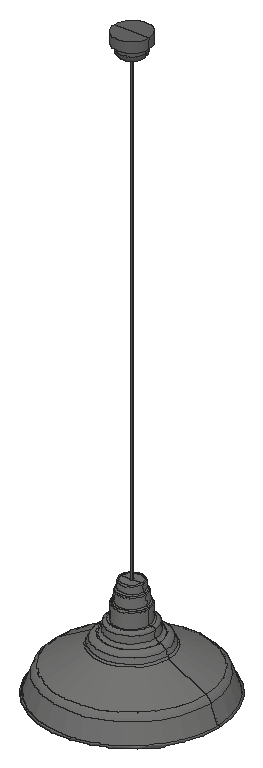
Revit family "Warehouse MB 8,10,12,14,16,18,20,24,27", category Lighting Fixtures, Revit 2020
Family settings
  Round Connector Dimension = Use Diameter
  Part Type = Normal
  OmniClass Number = 23.80.70.00
  OmniClass Title = Lighting
  Work Plane-Based = No
  Always vertical = Yes
  Cut with Voids When Loaded = No
  Light Source = Yes
  Shared = No
  Room Calculation Point = No
Parameters (values of type "W527")
  b = 0' - 3"
  a = 1' - 3 7/8"
  Weight = "6.0 lbs"
  Wattage Comments = "200 W Max"
  Wattage = 26.9284 W
  Warranty = "5 year limited warranty"  # constant formula
  W527 = yes
  W524 = no
  W520 = no
  W518 = no
  W516 = no
  W514 = no
  W512 = no
  W510 = no
  W508 = no
  built-in parameter 1150110 = 1 (stored number, unit not read)
  Voltage = 277 V  # constant formula
  URL = "https://www.anplighting.com/assets/Uploads/product-attachments/specification-sheets/ANP-Specification-Sheet-RLM-INC-W527.pdf"
  built-in parameter 1114217 = 1 (stored number, unit not read)
  Tilt Angle = 90.00°
  built-in parameter 1150109 = 1 (stored number, unit not read)
  built-in parameter 1150134 = 12
  built-in parameter 1150113 = 1 (stored number, unit not read)
  Photometric Web File = "W527M037LDDW40K.IES"
  Mounting Option [instance] = 1
  Power Factor = 1
  Post Mount [instance] = Mounting Option = 5  # no
  Placement X axis side [instance] = if(Post Mount, 2' 2 15/32", if(Cord or Stem Mount, 0' 0", if(E36 20 inch, 1' 8 1/4", if(E 6 26 inch, 2' 2", if(E7 41 inch, 3' 5 1/4", 0' 1")))))  # 0' - 0"
  Model = "W527"
  Manufacturer = "ANP Lighting"  # constant formula
  built-in parameter 1150105 = 318.31 (stored number, unit not read)
  Lumens = 4000 lm
  built-in parameter 1150115 = 1 (stored number, unit not read)
  Load Classification = Lighting
  Light Source Height [instance] = 0' - 0"
  built-in parameter 1150137 = (empty or 0)
  built-in parameter 1150139 = (empty or 0)
  Light Elevation _2 [instance] = if(Post Mount, 0' 0.66142", if(E7 41 inch, 0' 0.66142", if(E36 20 inch, 0' 1.65748", if(E 6 26 inch, 0' 1.53543", if(Cord or Stem Mount, (0' 4.3622" + Cord Length), 0' 0")))))  # 6' - 4.3622"
  Light Elevation _1 [instance] = if(Post Mount, 0' 0", if(E7 41 inch, 0' 0", if(E36 20 inch, 0' 1", if(E 6 26 inch, 0' 0.87402", if(Cord or Stem Mount, (0' 3.66142" + Cord Length), 0' 0")))))  # 6' - 3.66142"
  Light Elevation [instance] = if(Post Mount, 14' 0.5315", if(E7 41 inch, 0' 0", 0' 0"))  # 0' - 0"
  Life = "L70 50,000 hours"  # constant formula
  built-in parameter 1150112 = 1 (stored number, unit not read)
  built-in parameter 1150114 = 1 (stored number, unit not read)
  Lamp = "MB"
  built-in parameter 1150132 = 2
  built-in parameter 1150102 = (empty or 0)
  built-in parameter 1150107 = 4000 (stored number, unit not read)
  built-in parameter 1150138 = (empty or 0)
  built-in parameter 1150106 = 3.1831 (stored number, unit not read)
  Fixture Height = 1' - 3 7/8"
  Fixture Diameter = 2' - 3"
  Efficiency = "65-125 lumens per watt"  # constant formula
  built-in parameter 1150104 = 13.8 (stored number, unit not read)
  E7 41 inch [instance] = Mounting Option = 4  # no
  E36 20 inch [instance] = Mounting Option = 3  # no
  E 6 26 inch [instance] = Mounting Option = 2  # no
  Dimming Lamp Color Temperature Shift = <None>
  Dimming = "1%"  # constant formula
  Description = "120-277 Voltage"  # constant formula
  Default Elevation = 0' - 0"
  Cord or Stem Mount [instance] = Mounting Option = 1  # yes
  Cord Length option [instance] = 0
  Cord Length [instance] = if([2' Cord], 2' 0", if([4' Cord], 4' 0", if([8' Cord], 8' 0", if([10' Cord], 10' 0", if([6' Cord], 6' 0", 6' 0")))))  # 6' - 0"
  Construction Material = "Heavy Duty spun aluminum."  # constant formula
  Color Filter = 16777215
  Canopy Body = Texture Black
  CRI = ">90"  # constant formula
  Bulb = Bulb
  Body Material = body
  Body Colour = "Spun aluminium"  # constant formula
  built-in parameter 1114218 = 1 (stored number, unit not read)
  BULB = yes
  built-in parameter 1150133 = 10 (stored number, unit not read)
  Apparent Load = 200 VA
  8' Cord [instance] = Cord Length option = 8  # no
  6' Cord [instance] = Cord Length option = 6  # no
  4' Cord [instance] = Cord Length option = 4  # no
  2' Cord [instance] = Cord Length option = 2  # no
  10' Cord [instance] = Cord Length option = 10  # no
Reference planes (in)
  plane 1 "Light Source Axis (F/B)": y = 0
  plane 2: z = 0
  plane 3 "Light Source Axis (L/R)": x = 0
  plane 4 "Light Source Elevation": z = 0
  plane 5: z = 0
  plane 6: x = 0
  plane 7 "Bulb Position": z = -76.3622
  plane 8 "Canopy Position": z = -75.66142
  plane 9 "IES": z = -76.3622
  plane 10: z = 164.5315
  plane 11: z = -91.53642
  plane 12: z = -88.53642
  plane 13: z = -86.10529
Dimensions and locks (in)
  "Light Elevation": plane 5 to plane 2
  "Placement X axis side": plane 6 to plane 3 "Light Source Axis (L/R)"
  "Light Elevation _2": plane 5 to plane 7 "Bulb Position"
  "Light Elevation _1": plane 5 to plane 8 "Canopy Position"
  "Light Source Height": plane 7 "Bulb Position" to plane 9 "IES"
  locked: plane 4 "Light Source Elevation" to plane 2
  "a": plane 8 "Canopy Position" to plane 11
  "b": plane 12 to plane 11
  locked: plane 13 to plane 12 at 2.43113
  aligned and locked: level to plane 2
  aligned and locked: plane 1 "Light Source Axis (F/B)" to nested 5
  aligned and locked: nested 5 to plane 2
  aligned and locked: nested 1 to plane 3 "Light Source Axis (L/R)"
  aligned and locked: plane 3 "Light Source Axis (L/R)" to nested 2
  aligned and locked: plane 3 "Light Source Axis (L/R)" to nested 4
  aligned and locked: nested 3 to plane 5
  aligned and locked: plane 3 "Light Source Axis (L/R)" to nested 3
  aligned and locked: plane 1 "Light Source Axis (F/B)" to nested 2
  aligned and locked: plane 1 "Light Source Axis (F/B)" to nested 1
  aligned and locked: plane 1 "Light Source Axis (F/B)" to nested 4
  aligned and locked: plane 1 "Light Source Axis (F/B)" to nested 3
  aligned and locked: plane 2 to nested 1
  aligned and locked: plane 2 to nested 2
  aligned and locked: nested 4 to plane 2
  aligned and locked: imposter light to plane 6
  aligned and locked: plane 12 to imposter light
  aligned and locked: imposter light to plane 1 "Light Source Axis (F/B)"
  aligned and locked: plane 1 "Light Source Axis (F/B)" to nested 6
  aligned and locked: plane 6 to nested 6
  aligned and locked: plane 8 "Canopy Position" to nested 6
  aligned and locked: plane 8 "Canopy Position" to nested 7
  aligned and locked: plane 8 "Canopy Position" to nested 8
  aligned and locked: plane 8 "Canopy Position" to nested 9
  aligned and locked: plane 8 "Canopy Position" to nested 10
  aligned and locked: plane 8 "Canopy Position" to nested 11
  aligned and locked: plane 8 "Canopy Position" to nested 12
  aligned and locked: plane 8 "Canopy Position" to nested 13
  aligned and locked: plane 8 "Canopy Position" to nested 14
  aligned and locked: plane 1 "Light Source Axis (F/B)" to nested 7
  aligned and locked: plane 6 to nested 7
  aligned and locked: plane 1 "Light Source Axis (F/B)" to nested 8
  aligned and locked: plane 6 to nested 8
  aligned and locked: plane 6 to nested 9
  aligned and locked: plane 6 to nested 10
  aligned and locked: plane 1 "Light Source Axis (F/B)" to nested 10
  aligned and locked: plane 1 "Light Source Axis (F/B)" to nested 9
  aligned and locked: plane 6 to nested 11
  aligned and locked: plane 1 "Light Source Axis (F/B)" to nested 11
  aligned and locked: plane 6 to nested 12
  aligned and locked: plane 1 "Light Source Axis (F/B)" to nested 12
  aligned and locked: plane 1 "Light Source Axis (F/B)" to nested 13
  aligned and locked: plane 6 to nested 13
  aligned and locked: plane 1 "Light Source Axis (F/B)" to nested 14
  aligned and locked: plane 6 to nested 14
Nested families (in)
  nested 1: "CORD OR STEM MOUNT" at (0, 0, -75.67), visible <- "Cord or Stem Mount", Cord or Stem Mount <- "Cord or Stem Mount", Body Material <- "Body Material", Light Elevation <- "Light Elevation", Cord Length <- "Cord Length", 10' Cord <- "10' Cord", 2' Cord <- "2' Cord", 4' Cord <- "4' Cord", 6' Cord <- "6' Cord", 8' Cord <- "8' Cord", type "CORD OR STEM MOUNT"
    with Light Elevation 0' - 0", Cord or Stem Mount yes, Cord Length 6' - 0", Body Material body, 8' Cord no, 6' Cord no, 4' Cord no, 2' Cord no, 10' Cord no
  nested 2: "E6 26 INCH" at (0, 0, 0), visible <- "E 6 26 inch", Chain Length <- "Cord Length", E 6 26 inch <- "E 6 26 inch", Placement X axis side <- "Placement X axis side", Body Material <- "Body Material", Light Elevation <- "Light Elevation", type "E6 26 INCH"
    with Placement X axis side 0' - 0", Light Elevation 0' - 0", E 6 26 inch no, Chain Length 6' - 0", Body Material body
  nested 3: "E7 41 INCH" at (0, 0, 0), Chain Length <- "Cord Length", visible <- "E7 41 inch", E7 41 inch <- "E7 41 inch", Placement X axis side <- "Placement X axis side", Body Material <- "Body Material", Light Elevation <- "Light Elevation", type "E7 41 INCH"
    with Placement X axis side 0' - 0", Light Elevation 0' - 0", E7 41 inch no, Chain Length 6' - 0", Body Material body
  nested 4: "E36 20 INCH" at (0, 0, 0), visible <- "E36 20 inch", E36 20 inch <- "E36 20 inch", Placement X axis side <- "Placement X axis side", Chain Length <- "Cord Length", Body Material <- "Body Material", Light Elevation <- "Light Elevation", type "E36 20 INCH"
    with Placement X axis side 0' - 0", Light Elevation 0' - 0", E36 20 inch no, Chain Length 6' - 0", Body Material body
  nested 5: "POST MOUNT" at (0, 0, 0), visible <- "Post Mount", Post Mount <- "Post Mount", Placement X axis side <- "Placement X axis side", Chain Length <- "Cord Length", Body Material <- "Body Material", Light Elevation <- "Light Elevation", type "POST MOUNT"
    with Post Mount no, Placement X axis side 0' - 0", Light Elevation 0' - 0", Chain Length 6' - 0", Body Material body
  nested 6: "W508_1" at (0, 0, -75.66142), W508 <- "W508", visible <- "W508", Body <- "Canopy Body", Light Elevation <- "Light Elevation", type "W508_1"
    with W508 no, Light Elevation 0' - 0", Body Texture Black
  nested 7: "W510_1" at (0, 0, -75.66142), W510 <- "W510", visible <- "W510", Body <- "Canopy Body", Light Elevation <- "Light Elevation", type "W510_1"
    with W510 no, Light Elevation 0' - 0", Body Texture Black
  nested 8: "W512_1" at (0, 0, -75.66142), W512 <- "W512", visible <- "W512", Body <- "Canopy Body", Light Elevation <- "Light Elevation", type "W512_1"
    with W512 no, Light Elevation 0' - 0", Body Texture Black
  nested 9: "W514_1" at (0, 0, -75.66142), W514 <- "W514", visible <- "W514", Body <- "Canopy Body", Light Elevation <- "Light Elevation", type "W514_1"
    with W514 no, Light Elevation 0' - 0", Body Texture Black
  nested 10: "W516_1" at (0, 0, -75.66142), W516 <- "W516", visible <- "W516", Body <- "Canopy Body", Light Elevation <- "Light Elevation", type "W516_1"
    with W516 no, Light Elevation 0' - 0", Body Texture Black
  nested 11: "W518_1" at (0, 0, -75.66142), W518 <- "W518", visible <- "W518", Body <- "Canopy Body", Light Elevation <- "Light Elevation", type "W518_1"
    with W518 no, Light Elevation 0' - 0", Body Texture Black
  nested 12: "W520_1" at (0, 0, -75.66142), W520 <- "W520", visible <- "W520", Body <- "Canopy Body", Light Elevation <- "Light Elevation", type "W520_1"
    with W520 no, Light Elevation 0' - 0", Body Texture Black
  nested 13: "W524_1" at (0, 0, -75.66142), W524 <- "W524", visible <- "W524", Body <- "Canopy Body", Light Elevation <- "Light Elevation", type "W524_1"
    with W524 no, Light Elevation 0' - 0", Body Texture Black
  nested 14: "W527_1" at (0, 0, -75.66047), W527 <- "W527", visible <- "W527", Body <- "Canopy Body", Light Elevation <- "Light Elevation", type "W527_1"
    with W527 yes, Light Elevation 0' - 0", Body Texture Black
Definition of nested family "CORD OR STEM MOUNT"
  Parameters (values of type "CORD OR STEM MOUNT")
    URL = ""
    Model = ""
    Manufacturer = ""
    Light Elevation [instance] = 1' - 7.69"
    Default Elevation = 0' - 0"
    Cord or Stem Mount [instance] = yes
    Cord Length [instance] = 6' - 0"
    Body Material [instance] = none
    8' Cord [instance] = no
    6' Cord [instance] = no
    4' Cord [instance] = no
    2' Cord [instance] = no
    10' Cord [instance] = no
  Reference planes (in)
    plane 1 "Light Source Axis (F/B)": y = 0
    plane 2: z = 0
    plane 3 "Light Source Axis (L/R)": x = 0
    plane 4 "Light Source Elevation": z = 23.125
    plane 5: z = 91.69
    plane 6: z = 19.69
  Forms (in)
    Extrusion 1, void, not visible
      sketch origin (0, 0, 2.38154) x (1, 0, 0) y (0, 0, 1)
        loop
          circle (0, 4.59925) r 0.16583
      from 1.18594 to 1.75
    Extrusion 2, void, not visible
      sketch origin (0, 0, 2.38154) x (0.707107, -0.707107, 0) y (0, 0, 1)
        loop
          circle (0, 4.59925) r 0.16583
      from 1.18594 to 1.75
    Extrusion 3, void, not visible
      sketch origin (0, 0, 2.38154) x (0.707107, 0.707107, 0) y (0, 0, 1)
        loop
          circle (0, 4.59925) r 0.16583
      from 1.18594 to 1.75
    Extrusion 4, void, not visible
      sketch origin (0, 0, 2.38154) x (0, 1, 0) y (0, 0, 1)
        loop
          circle (0, 4.59925) r 0.16583
      from 1.18594 to 1.75
    Extrusion 5, void, not visible
      sketch origin (0, 0, 2.38154) x (-0.707107, 0.707107, 0) y (0, 0, 1)
        loop
          circle (0, 4.59925) r 0.16583
      from 1.18594 to 1.75
    Extrusion 6, void, not visible
      sketch origin (0, 0, 2.38154) x (-1, 0, 0) y (0, 0, 1)
        loop
          circle (0, 4.59925) r 0.20678
      from 1.18594 to 1.75
    Extrusion 7, void, not visible
      sketch origin (0, 0, 2.38154) x (-0.707107, -0.707107, 0) y (0, 0, 1)
        loop
          circle (0, 4.59925) r 0.16583
      from 1.18594 to 1.75
    Extrusion 8, void, not visible
      sketch origin (0, 0, 2.38154) x (0, -1, 0) y (0, 0, 1)
        loop
          circle (0, 4.59925) r 0.16583
      from 1.18594 to 1.75
    Revolve 9, solid, material <- "Body Material", visible <- "Cord or Stem Mount"
      sketch origin (0, 0, 174.56698) x (1, 0, 0) y (0, 0, 1)
        loop
          line (2.6875, -79.20698) -> (0, -79.20698) -> (0, -82.87698) -> (0.125, -82.87698) -> (0.125, -82.83698) -> (0.75, -82.83698)
          arc (0.75, -82.83698) -> (0.81694, -82.77004) -> (0.75, -82.7031) r 0.06694
          line (0.75, -82.7031) -> (0.89763, -82.7031) -> (1.00223, -82.5985) -> (1.06587, -82.5985)
          arc (1.06587, -82.5985) -> (1.80099, -82.29401) -> (2.10549, -81.55888) r 1.03962
          line (2.10549, -81.55888) -> (2.10549, -81.03899)
          arc (2.10549, -81.03899) -> (2.12951, -80.981) -> (2.1875, -80.95698) r 0.08201
          line (2.1875, -80.95698) -> (2.1875, -80.70698) -> (2.6875, -80.70698) -> (2.6875, -79.20698)
        axis (0, -79.20698) -> (0, -82.87698)
      angle from 0 to 360
    Revolve 10, solid, material <- "Body Material", visible <- "Cord or Stem Mount"
      sketch origin (0, 0, 0) x (1, 0, 0) y (0, 0, 1)
        loop
          line (0, 91.69) -> (-0.125, 91.69) -> (-0.125, 19.69) -> (0, 19.69) -> (0, 91.69)
        axis (0, 19.69) -> (0, 91.69)
      angle from 0 to 360
  Dimensions and locks (in)
    "Light Elevation": plane 6 to plane 2
    "Cord Length": plane 5 to plane 6
    locked: Revolve 10 sketch curve to Revolve 10 sketch curve at 0.125
    aligned and locked: level to plane 2
    aligned and locked: Revolve 10 sketch curve to plane 3 "Light Source Axis (L/R)"
    aligned and locked: Revolve 10 sketch curve to plane 6
    aligned and locked: Revolve 10 sketch curve to plane 5
    aligned and locked: plane 3 "Light Source Axis (L/R)" to Revolve 10 sketch curve
  Automatic sketch dimensions
    Revolve 9 sketch curve to plane 3 "Light Source Axis (L/R)" = 0' - 0"  (x2)
    Revolve 9 sketch curve to plane 5 = 0' - 0"
    plane 3 "Light Source Axis (L/R)" to Revolve 9 sketch curve = 0' - 0 1/8"
    Revolve 9 sketch curve to plane 5 = 0' - 0.17388"
    Revolve 9 sketch curve to Revolve 9 sketch curve = 0' - 0 5/8"
    Revolve 9 sketch curve to Revolve 9 sketch curve = 0' - 0.14763"
    Revolve 9 sketch curve to plane 5 = 0' - 0.27847"
    Revolve 9 sketch curve to Revolve 9 sketch curve = 0' - 0.1046"
    Revolve 9 sketch curve to Revolve 9 sketch curve = 0' - 0.06364"
    Revolve 9 sketch curve to Revolve 9 sketch curve = 0' - 1.03962"
    Revolve 9 sketch curve to Revolve 9 sketch curve = 0' - 0 21/256"
    Revolve 9 sketch curve to Revolve 9 sketch curve = 0' - 0 1/2"  (x2)
    Revolve 9 sketch curve to Revolve 9 sketch curve = 0' - 0.51989"
    Revolve 9 sketch curve to Revolve 9 sketch curve = 0' - 0 1/4"
    Revolve 9 sketch curve to Revolve 9 sketch curve = 0' - 2.3519"
    Revolve 9 sketch curve to Revolve 9 sketch curve = 0' - 1 1/4"
    Revolve 9 sketch curve to Revolve 9 sketch curve = 0' - 0.04"
    Revolve 10 sketch curve to Revolve 10 sketch curve = 0' - 0 1/2"
    Revolve 10 sketch curve to Revolve 10 sketch curve = 0' - 0.42345"
Definition of nested family "W527_1"
  Parameters (values of type "W527_1")
    W527 [instance] = yes
    Light Elevation [instance] = 2' - 4.27702"
    Default Elevation = 0' - 0"
    Body [instance] = none
  Reference planes (in)
    plane 1 "Center (Front/Back)": y = 0
    plane 2: z = 0
    plane 3 "Center (Left/Right)": x = 0
    plane 4: z = 28.27702
  Dimensions and locks (in)
    "Light Elevation": plane 4 to plane 2
    aligned and locked: plane 2 to level
    aligned and locked: plane 3 "Center (Left/Right)" to nested 1
    aligned and locked: plane 1 "Center (Front/Back)" to nested 1
    aligned and locked: plane 4 to nested 1
  Nested families (in)
    nested 1: "W527" at (0, 0, 12.40202), visible <- "W527", BODY <- "Body", W527 <- "W527", type "W527"
      with W527 yes, BODY none
  Definition of nested family "W527"
    Parameters (values of type "W527")
      W527 [instance] = yes
      BODY [instance] = none
      Default Elevation = 0' - 0"
    Reference planes (in)
      plane 1 "Center (Front/Back)": y = 0
      plane 2: z = 0
      plane 3 "Center (Left/Right)": x = 0
      plane 4: z = 15.875
      plane 5: x = 13.5
      plane 6: x = -13.5
    Forms (in)
      Revolve 1, solid, material <- "BODY", visible <- "W527"
        sketch origin (0, 0, -5.69249) x (1, 0, 0) y (0, 0, 1)
          loop
            arc (-2.02015, 20.20665) -> (-2.09725, 20.17147) -> (-2.13307, 20.09467) r 0.1225
            line (-2.13307, 20.09467) -> (-2.24996, 18.69199)
            arc (-2.24996, 18.69199) -> (-2.31685, 18.54162) -> (-2.46271, 18.46541) r 0.25
            line (-2.46271, 18.46541) -> (-2.52253, 18.45661)
            arc (-2.52253, 18.45661) -> (-2.59657, 18.41646) -> (-2.62718, 18.33799) r 0.1225
            line (-2.62718, 18.33799) -> (-2.67361, 16.12904) -> (-3.0387, 16.12904)
            arc (-3.0387, 16.12904) -> (-3.37774, 15.99653) -> (-3.53708, 15.66923) r 0.5
            line (-3.53708, 15.66923) -> (-3.61917, 14.65135)
            arc (-3.61917, 14.65135) -> (-3.77851, 14.32405) -> (-4.11755, 14.19154) r 0.5
            line (-4.11755, 14.19154) -> (-4.2928, 14.19154)
            arc (-4.2928, 14.19154) -> (-4.85645, 14.01755) -> (-5.22397, 13.55614) r 1
            line (-5.22397, 13.55614) -> (-5.49245, 12.87044)
            arc (-5.49245, 12.87044) -> (-5.58859, 12.71582) -> (-5.73373, 12.60588) r 0.5
            arc (-5.73373, 12.60588) -> (-8.61036, 11.14331) -> (-11.42281, 9.56082) r 76.56501
            arc (-11.42281, 9.56082) -> (-11.88597, 9.18359) -> (-12.21708, 8.6864) r 2
            arc (-12.21708, 8.6864) -> (-12.78662, 7.30144) -> (-13.22237, 5.86874) r 15.78532
            arc (-13.22237, 5.86874) -> (-13.2768, 5.81354) -> (-13.34194, 5.77151) r 0.3542
            arc (-13.34194, 5.77151) -> (-13.416, 5.84779) -> (-13.34194, 5.92408) r 0.07632
            line (-13.34194, 5.92408) -> (-13.34194, 6.00409)
            arc (-13.34194, 6.00409) -> (-13.49568, 5.83775) -> (-13.32188, 5.69249) r 0.15632
            arc (-13.32188, 5.69249) -> (-13.23007, 5.72538) -> (-13.16238, 5.79559) r 0.21402
            line (-13.16238, 5.79559) -> (-13.06888, 6.13768)
            arc (-13.06888, 6.13768) -> (-12.66047, 7.41484) -> (-12.14461, 8.6525) r 15.70532
            arc (-12.14461, 8.6525) -> (-11.82676, 9.1298) -> (-11.38211, 9.49194) r 1.92
            arc (-11.38211, 9.49194) -> (-8.57234, 11.07292) -> (-5.69843, 12.53408) r 76.48501
            arc (-5.69843, 12.53408) -> (-5.52971, 12.66167) -> (-5.41796, 12.84127) r 0.58
            line (-5.41796, 12.84127) -> (-5.14947, 13.52697)
            arc (-5.14947, 13.52697) -> (-4.81136, 13.95147) -> (-4.2928, 14.11154) r 0.92
            line (-4.2928, 14.11154) -> (-4.11755, 14.11154)
            arc (-4.11755, 14.11154) -> (-3.72426, 14.26525) -> (-3.53943, 14.64492) r 0.58
            line (-3.53943, 14.64492) -> (-3.45734, 15.6628)
            arc (-3.45734, 15.6628) -> (-3.3235, 15.93773) -> (-3.0387, 16.04904) r 0.42
            line (-3.0387, 16.04904) -> (-2.59528, 16.04904) -> (-2.54719, 18.33631)
            arc (-2.54719, 18.33631) -> (-2.53657, 18.36353) -> (-2.51089, 18.37747) r 0.0425
            line (-2.51089, 18.37747) -> (-2.45107, 18.38627)
            arc (-2.45107, 18.38627) -> (-2.25853, 18.48686) -> (-2.17024, 18.68535) r 0.33
            line (-2.17024, 18.68535) -> (-2.05335, 20.08802)
            arc (-2.05335, 20.08802) -> (-2.04092, 20.11467) -> (-2.01417, 20.12687) r 0.0425
            arc (-2.01417, 20.12687) -> (-1.80095, 20.22825) -> (-1.7091, 20.44538) r 0.33
            line (-1.7091, 20.44538) -> (-1.67418, 21.44552)
            arc (-1.67418, 21.44552) -> (-1.66123, 21.47461) -> (-1.6317, 21.48654) r 0.0425
            line (-1.6317, 21.48654) -> (-0.25, 21.48654) -> (-0.25, 21.56654) -> (-1.6317, 21.56654)
            arc (-1.6317, 21.56654) -> (-1.7168, 21.53216) -> (-1.75413, 21.44832) r 0.1225
            line (-1.75413, 21.44832) -> (-1.78905, 20.44817)
            arc (-1.78905, 20.44817) -> (-1.85864, 20.28368) -> (-2.02015, 20.20665) r 0.25
          axis (0, 21.56654) -> (0, 5.69249)
        angle from 0 to 360
    Dimensions and locks (in)
      plane 4 to plane 2 = 1' - 3 7/8"
      plane 5 to plane 3 "Center (Left/Right)" = 1' - 1 1/2"
      plane 5 to plane 6 = 2' - 3"
      aligned and locked: plane 2 to level
Definition of nested family "E6 26 INCH"
  Parameters (values of type "E6 26 INCH")
    URL = ""
    Placement X axis side [instance] = 2' - 2"
    Model = ""
    Manufacturer = ""
    Light Elevation [instance] = 8' - 4"
    E 6 26 inch [instance] = yes
    Default Elevation = 0' - 0"
    Chain Length [instance] = 0' - 0"
    Body Material [instance] = none
  Reference planes (in)
    plane 1 "Light Source Axis (F/B)": y = 0
    plane 2: z = 0
    plane 3 "Light Source Axis (L/R)": x = 0
    plane 4 "Light Source Elevation": z = 23.125
    plane 5: z = 100
    plane 6: x = -26
    plane 7: z = 99.125
    plane 8: x = -24.12
    plane 9: x = -25.5474
  Forms (in)
    Extrusion 1, void, not visible
      sketch origin (0, 0, 2.38154) x (1, 0, 0) y (0, 0, 1)
        loop
          circle (0, 4.59925) r 0.16583
      from 1.18594 to 1.75
    Extrusion 2, void, not visible
      sketch origin (0, 0, 2.38154) x (0.707107, -0.707107, 0) y (0, 0, 1)
        loop
          circle (0, 4.59925) r 0.16583
      from 1.18594 to 1.75
    Extrusion 3, void, not visible
      sketch origin (0, 0, 2.38154) x (0.707107, 0.707107, 0) y (0, 0, 1)
        loop
          circle (0, 4.59925) r 0.16583
      from 1.18594 to 1.75
    Extrusion 4, void, not visible
      sketch origin (0, 0, 2.38154) x (0, 1, 0) y (0, 0, 1)
        loop
          circle (0, 4.59925) r 0.16583
      from 1.18594 to 1.75
    Extrusion 5, void, not visible
      sketch origin (0, 0, 2.38154) x (-0.707107, 0.707107, 0) y (0, 0, 1)
        loop
          circle (0, 4.59925) r 0.16583
      from 1.18594 to 1.75
    Extrusion 6, void, not visible
      sketch origin (0, 0, 2.38154) x (-1, 0, 0) y (0, 0, 1)
        loop
          circle (0, 4.59925) r 0.20678
      from 1.18594 to 1.75
    Extrusion 7, void, not visible
      sketch origin (0, 0, 2.38154) x (-0.707107, -0.707107, 0) y (0, 0, 1)
        loop
          circle (0, 4.59925) r 0.16583
      from 1.18594 to 1.75
    Extrusion 8, void, not visible
      sketch origin (0, 0, 2.38154) x (0, -1, 0) y (0, 0, 1)
        loop
          circle (0, 4.59925) r 0.16583
      from 1.18594 to 1.75
    Sweep 9, solid, material <- "Body Material", visible <- "E 6 26 inch"
      path origin (-41.25, 0, 168.51693) x (1, 0, 0) y (0, 0, 1)
        loop
          line (17.13, -68.51693) -> (27.68551, -68.51693)
          arc (27.68551, -68.51693) -> (28.47996, -68.34486) -> (29.13202, -67.8595) r 1.92004
          line (29.13202, -67.8595) -> (34.23651, -62.01155)
          arc (34.23651, -62.01155) -> (38.65464, -60.89667) -> (41.25, -64.64193) r 4
          line (41.25, -64.64193) -> (41.25, -69.39193)
      profile origin (-18.84224, 0, 100) x (0, 0, 1) y (0, -1, 0)
        loop
          circle (0, 0) r 0.5
    Revolve 10, solid, material <- "Body Material", visible <- "E 6 26 inch"
      sketch origin (-26, 0, 168.51693) x (1, 0, 0) y (0, 0, 1)
        loop
          line (0, -66.07943) -> (0, -68.51693) -> (1.88, -68.51693) -> (1.88, -67.69272) -> (0.4526, -67.69272) -> (0.4526, -66.54122) -> (0.33125, -66.54122) -> (0.33125, -66.07943) -> (0, -66.07943)
        axis (0, -68.51693) -> (1.88, -68.51693)
      angle from 0 to 360
    Extrusion 11, solid, material <- "Body Material", visible <- "E 6 26 inch"
      sketch origin (-26, 0, 168.51693) x (0, -1, 0) y (0, 0, -1)
        loop
          line (0.25, 68.51693) -> (0.25, 69.51693) -> (-0.25, 69.51693) -> (-0.25, 68.51693) -> (0.25, 68.51693)
      from 0.4526 to 1.88
  Cuts and joins
    joined: Revolve 10, Extrusion 11
  Dimensions and locks (in)
    "Light Elevation": plane 5 to plane 2
    "Placement X axis side": plane 3 "Light Source Axis (L/R)" to plane 6
    locked: plane 5 to plane 7 at 0.875
    Revolve 10 sketch curve to Revolve 10 sketch curve to Revolve 10 sketch curve to plane 6 = 0' - 1.4274" locked, 0' - 0.12135" locked, 0' - 0.33125" locked
    Revolve 10 sketch curve to Revolve 10 sketch curve to Revolve 10 sketch curve to plane 5 = 0' - 0.46179" locked, 0' - 1.1515" locked, 0' - 0 211/256" locked
    locked: Sweep 9 sketch curve to plane 6 at 1.88
    locked: Sweep 9 sketch curve to Sweep 9 sketch curve at 10.55551
    locked: Sweep 9 sketch curve to Sweep 9 sketch curve at 13.56449
    locked: Sweep 9 sketch curve to Sweep 9 sketch curve at 4.75
    locked: plane 9 to plane 6 at 0.4526
    locked: plane 8 to plane 9 at 1.4274
    aligned and locked: level to plane 2
    aligned and locked: Revolve 10 sketch curve to plane 6
    aligned and locked: plane 5 to Revolve 10 sketch curve
    aligned and locked: Revolve 10 sketch curve to plane 5
    aligned and locked: cut or joined group of Revolve 10, Extrusion 11 to plane 9
    aligned and locked: plane 8 to cut or joined group of Revolve 10, Extrusion 11
  Automatic sketch dimensions
    Sweep 9 sketch curve to plane 5 = 0' - 0"
    Sweep 9 sketch curve to Sweep 9 sketch curve = 0' - 4"
    Sweep 9 sketch curve to Sweep 9 sketch curve = 0' - 3.01349"
    plane 5 to Sweep 9 sketch curve = 0' - 0.65743"
    Sweep 9 sketch curve to Sweep 9 sketch curve = 0' - 1.4465"
    Sweep 9 sketch curve to plane 5 = 0' - 0 7/8"
    profile plane to Sweep 9 sketch curve = 0' - 0"
    Sweep 9 sketch curve to profile plane = 0' - 0"
    plane 6 to Revolve 10 sketch curve = 0' - 0.62562"
    Revolve 10 sketch curve to Revolve 10 sketch curve = 0' - 0 1/2"
    Extrusion 11 sketch curve to plane 5 = 0' - 0"
    plane 1 "Light Source Axis (F/B)" to Extrusion 11 sketch curve = 0' - 0 1/4"
    Extrusion 11 sketch curve to plane 1 "Light Source Axis (F/B)" = 0' - 0 1/4"
    plane 5 to Extrusion 11 sketch curve = 0' - 1"
    radius of Sweep 9 sketch curve = 0' - 0 1/2"
Definition of nested family "E7 41 INCH"
  Parameters (values of type "E7 41 INCH")
    URL = ""
    Placement X axis side [instance] = 4' - 2"
    Model = ""
    Manufacturer = ""
    Light Elevation [instance] = 8' - 4"
    E7 41 inch [instance] = yes
    Default Elevation = 0' - 0"
    Chain Length [instance] = 0' - 0"
    Body Material [instance] = none
  Reference planes (in)
    plane 1 "Light Source Axis (F/B)": y = 0
    plane 2: z = 0
    plane 3 "Light Source Axis (L/R)": x = 0
    plane 4 "Light Source Elevation": z = 23.125
    plane 5: z = 100
    plane 6: x = -50
  Forms (in)
    Extrusion 1, void, not visible
      sketch origin (0, 0, 2.38154) x (1, 0, 0) y (0, 0, 1)
        loop
          circle (0, 4.59925) r 0.16583
      from 1.18594 to 1.75
    Extrusion 2, void, not visible
      sketch origin (0, 0, 2.38154) x (0.707107, -0.707107, 0) y (0, 0, 1)
        loop
          circle (0, 4.59925) r 0.16583
      from 1.18594 to 1.75
    Extrusion 3, void, not visible
      sketch origin (0, 0, 2.38154) x (0.707107, 0.707107, 0) y (0, 0, 1)
        loop
          circle (0, 4.59925) r 0.16583
      from 1.18594 to 1.75
    Extrusion 4, void, not visible
      sketch origin (0, 0, 2.38154) x (0, 1, 0) y (0, 0, 1)
        loop
          circle (0, 4.59925) r 0.16583
      from 1.18594 to 1.75
    Extrusion 5, void, not visible
      sketch origin (0, 0, 2.38154) x (-0.707107, 0.707107, 0) y (0, 0, 1)
        loop
          circle (0, 4.59925) r 0.16583
      from 1.18594 to 1.75
    Extrusion 6, void, not visible
      sketch origin (0, 0, 2.38154) x (-1, 0, 0) y (0, 0, 1)
        loop
          circle (0, 4.59925) r 0.20678
      from 1.18594 to 1.75
    Extrusion 7, void, not visible
      sketch origin (0, 0, 2.38154) x (-0.707107, -0.707107, 0) y (0, 0, 1)
        loop
          circle (0, 4.59925) r 0.16583
      from 1.18594 to 1.75
    Extrusion 8, void, not visible
      sketch origin (0, 0, 2.38154) x (0, -1, 0) y (0, 0, 1)
        loop
          circle (0, 4.59925) r 0.16583
      from 1.18594 to 1.75
    Revolve 9, solid, material <- "Body Material", visible <- "E7 41 inch"
      sketch origin (-41.25, 0, 168.39193) x (1, 0, 0) y (0, 0, 1)
        loop
          line (-8.75, -66.20443) -> (-8.75, -68.51693) -> (-6.87, -68.51693) -> (-6.87, -67.69272) -> (-8.2974, -67.69272) -> (-8.2974, -66.54122) -> (-8.41875, -66.54122) -> (-8.41875, -66.20443) -> (-8.75, -66.20443)
        axis (-8.75, -68.51693) -> (-6.87, -68.51693)
      angle from 0 to 360
    Extrusion 10, solid, material <- "Body Material", visible <- "E7 41 inch"
      sketch origin (-41.25, 0, 168.39193) x (0, -1, 0) y (0, 0, -1)
        loop
          line (0.25, 68.51693) -> (0.25, 69.51693) -> (-0.25, 69.51693) -> (-0.25, 68.51693) -> (0.25, 68.51693)
      from -8.2974 to -6.87
    Sweep 11, solid, material <- "Body Material", visible <- "E7 41 inch"
      path origin (-41.25, 0, 168.39193) x (1, 0, 0) y (0, 0, 1)
        loop
          line (-6.87, -68.51693) -> (16.04011, -68.51693)
          arc (16.04011, -68.51693) -> (17.864, -68.13651) -> (19.38375, -67.0587) r 4.5625
          line (19.38375, -67.0587) -> (24.70217, -61.33018)
          arc (24.70217, -61.33018) -> (29.64465, -60.20324) -> (32.5, -64.39193) r 4.5
          line (32.5, -64.39193) -> (32.5, -68.39193)
      profile origin (-36.66494, 0, 99.875) x (0, 0, 1) y (0, -1, 0)
        loop
          circle (0, 0) r 0.5
  Dimensions and locks (in)
    "Placement X axis side": plane 3 "Light Source Axis (L/R)" to plane 6
    "Light Elevation": plane 5 to plane 2
    locked: Revolve 9 sketch curve to Revolve 9 sketch curve at 0.33125
    locked: Revolve 9 sketch curve to Revolve 9 sketch curve at 0.4526
    locked: Revolve 9 sketch curve to Revolve 9 sketch curve at 1.88
    locked: Revolve 9 sketch curve to Revolve 9 sketch curve at 0.82421
    locked: Revolve 9 sketch curve to Revolve 9 sketch curve at 1.1515
    locked: Revolve 9 sketch curve to Revolve 9 sketch curve at 0.33679
    locked: plane 5 to Revolve 9 sketch curve at 0.125
    locked: Extrusion 10 sketch curve to Extrusion 10 sketch curve at 0.5
    locked: Extrusion 10 sketch curve to Extrusion 10 sketch curve at 1
    locked: plane 5 to Extrusion 10 sketch curve at 0.125
    locked: plane 5 to Sweep 11 sketch curve at 0.125
    locked: Sweep 11 sketch curve to Sweep 11 sketch curve at 39.37
    locked: Sweep 11 sketch curve to Sweep 11 sketch curve at 4
    locked: plane 6 to Extrusion 10 at 0.4526
    locked: Sweep 11 sketch curve to plane 6 at 1.88
    locked: Extrusion 10 to Extrusion 10 at 1.4274
    aligned and locked: plane 2 to level
    aligned and locked: Revolve 9 sketch curve to plane 6
  Automatic sketch dimensions
    Revolve 9 sketch curve to plane 5 = 0' - 0 1/8"
    plane 6 to Revolve 9 sketch curve = 0' - 0.62562"
    Revolve 9 sketch curve to Revolve 9 sketch curve = 0' - 0 1/2"
    plane 1 "Light Source Axis (F/B)" to Extrusion 10 sketch curve = 0' - 0 1/4"
    Sweep 11 sketch curve to plane 5 = 0' - 0"
    Sweep 11 sketch curve to Sweep 11 sketch curve = 0' - 4 1/2"
    Sweep 11 sketch curve to Sweep 11 sketch curve = 0' - 3.29783"
    plane 5 to Sweep 11 sketch curve = 0' - 1.33323"
    Sweep 11 sketch curve to Sweep 11 sketch curve = 0' - 5.31842"
    Sweep 11 sketch curve to Sweep 11 sketch curve = 0' - 3.34364"
    profile plane to Sweep 11 sketch curve = 0' - 0"
    Sweep 11 sketch curve to profile plane = 0' - 0"
    radius of Sweep 11 sketch curve = 0' - 0 1/2"
Definition of nested family "E36 20 INCH"
  Parameters (values of type "E36 20 INCH")
    URL = ""
    Placement X axis side [instance] = 1' - 8 1/4"
    Model = ""
    Manufacturer = ""
    Light Elevation [instance] = 8' - 4"
    E36 20 inch [instance] = yes
    Default Elevation = 0' - 0"
    Chain Length [instance] = 0' - 0"
    Body Material [instance] = none
  Reference planes (in)
    plane 1 "Light Source Axis (F/B)": y = 0
    plane 2: z = 0
    plane 3 "Light Source Axis (L/R)": x = 0
    plane 4 "Light Source Elevation": z = 23.125
    plane 5: z = 99
    plane 6: x = -20.25
    plane 7: z = 100
    plane 8: x = -18.37008
    plane 9: x = -19.79724
  Forms (in)
    Extrusion 1, void, not visible
      sketch origin (0, 0, 2.38154) x (1, 0, 0) y (0, 0, 1)
        loop
          circle (0, 4.59925) r 0.16583
      from 1.18594 to 1.75
    Extrusion 2, void, not visible
      sketch origin (0, 0, 2.38154) x (0.707107, -0.707107, 0) y (0, 0, 1)
        loop
          circle (0, 4.59925) r 0.16583
      from 1.18594 to 1.75
    Extrusion 3, void, not visible
      sketch origin (0, 0, 2.38154) x (0.707107, 0.707107, 0) y (0, 0, 1)
        loop
          circle (0, 4.59925) r 0.16583
      from 1.18594 to 1.75
    Extrusion 4, void, not visible
      sketch origin (0, 0, 2.38154) x (0, 1, 0) y (0, 0, 1)
        loop
          circle (0, 4.59925) r 0.16583
      from 1.18594 to 1.75
    Extrusion 5, void, not visible
      sketch origin (0, 0, 2.38154) x (-0.707107, 0.707107, 0) y (0, 0, 1)
        loop
          circle (0, 4.59925) r 0.16583
      from 1.18594 to 1.75
    Extrusion 6, void, not visible
      sketch origin (0, 0, 2.38154) x (-1, 0, 0) y (0, 0, 1)
        loop
          circle (0, 4.59925) r 0.20678
      from 1.18594 to 1.75
    Extrusion 7, void, not visible
      sketch origin (0, 0, 2.38154) x (-0.707107, -0.707107, 0) y (0, 0, 1)
        loop
          circle (0, 4.59925) r 0.16583
      from 1.18594 to 1.75
    Extrusion 8, void, not visible
      sketch origin (0, 0, 2.38154) x (0, -1, 0) y (0, 0, 1)
        loop
          circle (0, 4.59925) r 0.16583
      from 1.18594 to 1.75
    Sweep 9, solid, material <- "Body Material", visible <- "E36 20 inch"
      path origin (-41.25, 0, 169.51693) x (1, 0, 0) y (0, 0, 1)
        loop
          line (22.88, -69.51693) -> (28.93827, -69.51693)
          arc (28.93827, -69.51693) -> (29.97705, -69.28152) -> (30.81284, -68.62128) r 2.40953
          line (30.81284, -68.62128) -> (34.13807, -64.50378)
          arc (34.13807, -64.50378) -> (38.58272, -63.24548) -> (41.25, -67.01693) r 4
          line (41.25, -67.01693) -> (41.25, -70.51693)
      profile origin (-15.34086, 0, 100) x (0, 0, 1) y (0, -1, 0)
        loop
          circle (0, 0) r 0.5
    Revolve 10, solid, material <- "Body Material", visible <- "E36 20 inch"
      sketch origin (-20.25, 0, 169.51693) x (1, 0, 0) y (0, 0, 1)
        loop
          line (0, -67.20443) -> (0, -69.51693) -> (1.88, -69.51693) -> (1.88, -68.69272) -> (0.4526, -68.69272) -> (0.4526, -67.54122) -> (0.33125, -67.54122) -> (0.33125, -67.20443) -> (0, -67.20443)
        axis (0, -69.51693) -> (1.88, -69.51693)
      angle from 0 to 360
    Extrusion 11, solid, material <- "Body Material", visible <- "E36 20 inch"
      sketch origin (-20.25, 0, 169.51693) x (0, -1, 0) y (0, 0, -1)
        loop
          line (0.25, 69.51693) -> (0.25, 70.51693) -> (-0.25, 70.51693) -> (-0.25, 69.51693) -> (0.25, 69.51693)
      from 1.87992 to 0.45276
  Cuts and joins
    joined: Revolve 10, Extrusion 11
  Dimensions and locks (in)
    "Light Elevation": plane 7 to plane 2
    "Placement X axis side": plane 3 "Light Source Axis (L/R)" to plane 6
    locked: plane 7 to plane 5 at 1
    Revolve 10 sketch curve to Revolve 10 sketch curve to Revolve 10 sketch curve to plane 7 = 0' - 0.33679" locked, 0' - 1.1515" locked, 0' - 0 211/256" locked
    locked: Sweep 9 sketch curve to plane 6 at 1.88
    locked: Sweep 9 sketch curve to Sweep 9 sketch curve at 6.05827
    locked: Sweep 9 sketch curve to Sweep 9 sketch curve at 12.31173
    locked: Sweep 9 sketch curve to Sweep 9 sketch curve at 3.5
    Revolve 10 sketch curve to Revolve 10 sketch curve to Revolve 10 sketch curve to plane 6 = 0' - 1.4274" locked, 0' - 0.12135" locked, 0' - 0.33125" locked
    locked: plane 9 to plane 6 at 0.45276
    locked: plane 8 to plane 9 at 1.42717
    aligned and locked: level to plane 2
    aligned and locked: plane 7 to Revolve 10 sketch curve
    aligned and locked: Revolve 10 sketch curve to plane 7
    aligned and locked: Revolve 10 sketch curve to plane 6
    aligned and locked: cut or joined group of Revolve 10, Extrusion 11 to plane 9
    aligned and locked: plane 8 to cut or joined group of Revolve 10, Extrusion 11
  Automatic sketch dimensions
    Sweep 9 sketch curve to plane 7 = 0' - 0"
    Sweep 9 sketch curve to plane 5 = 0' - 0"
    Sweep 9 sketch curve to Sweep 9 sketch curve = 0' - 4"
    Sweep 9 sketch curve to plane 7 = 0' - 0.89565"
    Sweep 9 sketch curve to Sweep 9 sketch curve = 0' - 3.32523"
    Sweep 9 sketch curve to Sweep 9 sketch curve = 0' - 1.87457"
    profile plane to Sweep 9 sketch curve = 0' - 0"
    Sweep 9 sketch curve to profile plane = 0' - 0"
    plane 6 to Revolve 10 sketch curve = 0' - 0.62562"
    Revolve 10 sketch curve to Revolve 10 sketch curve = 0' - 0 1/2"
    plane 7 to Extrusion 11 sketch curve = 0' - 0"
    Extrusion 11 sketch curve to plane 5 = 0' - 0"
    plane 1 "Light Source Axis (F/B)" to Extrusion 11 sketch curve = 0' - 0 1/4"
    Extrusion 11 sketch curve to plane 1 "Light Source Axis (F/B)" = 0' - 0 1/4"
    radius of Sweep 9 sketch curve = 0' - 0 1/2"
Definition of nested family "POST MOUNT"
  Parameters (values of type "POST MOUNT")
    URL = ""
    Post Mount [instance] = yes
    Placement X axis side [instance] = 2' - 2 1/2"
    Model = ""
    Manufacturer = ""
    Light Elevation [instance] = 14' - 0.5168"
    Default Elevation = 0' - 0"
    Chain Length [instance] = 0' - 0"
    Body Material [instance] = none
  Reference planes (in)
    plane 1 "Light Source Axis (F/B)": y = 0
    plane 2: z = 0
    plane 3 "Light Source Axis (L/R)": x = 0
    plane 4 "Light Source Elevation": z = 23.125
    plane 5: x = -26.5
    plane 6: z = 168.5168
  Forms (in)
    Extrusion 1, void, not visible
      sketch origin (0, 0, 2.38154) x (1, 0, 0) y (0, 0, 1)
        loop
          circle (0, 4.59925) r 0.16583
      from 1.18594 to 1.75
    Extrusion 2, void, not visible
      sketch origin (0, 0, 2.38154) x (0.707107, -0.707107, 0) y (0, 0, 1)
        loop
          circle (0, 4.59925) r 0.16583
      from 1.18594 to 1.75
    Extrusion 3, void, not visible
      sketch origin (0, 0, 2.38154) x (0.707107, 0.707107, 0) y (0, 0, 1)
        loop
          circle (0, 4.59925) r 0.16583
      from 1.18594 to 1.75
    Extrusion 4, void, not visible
      sketch origin (0, 0, 2.38154) x (0, 1, 0) y (0, 0, 1)
        loop
          circle (0, 4.59925) r 0.16583
      from 1.18594 to 1.75
    Extrusion 5, void, not visible
      sketch origin (0, 0, 2.38154) x (-0.707107, 0.707107, 0) y (0, 0, 1)
        loop
          circle (0, 4.59925) r 0.16583
      from 1.18594 to 1.75
    Extrusion 6, void, not visible
      sketch origin (0, 0, 2.38154) x (-1, 0, 0) y (0, 0, 1)
        loop
          circle (0, 4.59925) r 0.20678
      from 1.18594 to 1.75
    Extrusion 7, void, not visible
      sketch origin (0, 0, 2.38154) x (-0.707107, -0.707107, 0) y (0, 0, 1)
        loop
          circle (0, 4.59925) r 0.16583
      from 1.18594 to 1.75
    Extrusion 8, void, not visible
      sketch origin (0, 0, 2.38154) x (0, -1, 0) y (0, 0, 1)
        loop
          circle (0, 4.59925) r 0.16583
      from 1.18594 to 1.75
    Revolve 9, solid, material <- "Body Material", visible <- "Post Mount"
      sketch origin (-7.90508, 0, 0) x (1, 0, 0) y (0, 0, 1)
        loop
          line (-18.59492, 3.92912) -> (-16.29831, 3.92912) -> (-16.29831, 4.2668) -> (-16.91413, 4.2668) -> (-16.91413, 134.5168) -> (-17.16413, 134.5168) -> (-17.16413, 137.3918) -> (-17.05979, 137.3918)
          arc (-17.05979, 137.3918) -> (-16.93479, 137.5168) -> (-17.05979, 137.6418) r 0.125
          line (-17.05979, 137.6418) -> (-17.48032, 137.6418) -> (-17.48032, 139.0793) -> (-17.73032, 139.0793) -> (-17.73032, 139.5793) -> (-18.59492, 139.5793) -> (-18.59492, 3.92912)
        axis (-18.59492, 139.5793) -> (-18.59492, 3.92912)
      angle from 0 to 360
    Extrusion 10, solid, material <- "Body Material", visible <- "Post Mount"
      sketch origin (0, 0, 0) x (1, 0, 0) y (0, 1, 0)
        loop
          line (-20.5, 5.93079) -> (-32.5, 5.93079) -> (-32.5, -6.06921) -> (-20.5, -6.06921) -> (-20.5, 5.93079)
      from 0 to 3.92912
    Sweep 11, solid, material <- "Body Material", visible <- "Post Mount"
      path origin (0, 0, 48.5) x (1, 0, 0) y (0, 0, 1)
        loop
          line (0, 120.0168) -> (0, 128.0168)
          arc (0, 128.0168) -> (-13.25, 141.2668) -> (-26.5, 128.0168) r 13.25
          line (-26.5, 128.0168) -> (-26.5, 91.0793)
      profile origin (0, 0, 172.5168) x (-1, 0, 0) y (0, -1, 0)
        loop
          circle (0, 0) r 0.5
    Revolve 12, solid, material <- "Body Material", visible <- "Post Mount"
      sketch origin (0, 0, 0) x (1, 0, 0) y (0, 0, 1)
        loop
          line (0, 168.5168) -> (0.75, 168.5168) -> (0.75, 170.7668) -> (0, 170.7668) -> (0, 168.5168)
        axis (0, 170.7668) -> (0, 168.5168)
      angle from 0 to 360
  Cuts and joins
    joined: Revolve 9, Extrusion 10, Sweep 11, Revolve 12
  Dimensions and locks (in)
    "Placement X axis side": plane 3 "Light Source Axis (L/R)" to plane 5
    "Light Elevation": plane 6 to plane 2
    locked: Revolve 12 sketch curve to plane 5 at 26.5  (x2)
    locked: Revolve 9 sketch curve to plane 2 at 3.92912
    locked: Revolve 9 sketch curve to plane 5 at 2.29661
    locked: Revolve 9 sketch curve to plane 5 at 1.68079
    locked: Revolve 9 sketch curve to plane 5 at 1.43079
    locked: Revolve 9 sketch curve to plane 5 at 1.11461
    locked: Revolve 9 sketch curve to plane 5 at 0.86461
    locked: Revolve 9 sketch curve to Revolve 9 sketch curve at 130.58768
    locked: Revolve 9 sketch curve to Revolve 9 sketch curve at 2.875
    locked: Revolve 9 sketch curve to Revolve 9 sketch curve at 0.25
    locked: Revolve 9 sketch curve to Revolve 9 sketch curve at 1.4375
    locked: Revolve 9 sketch curve to Revolve 9 sketch curve at 0.5
    locked: Sweep 11 sketch curve to Sweep 11 sketch curve at 26.5
    locked: Revolve 12 sketch curve to Revolve 12 sketch curve at 0.75
    locked: cut or joined group of Revolve 9, Extrusion 10, Sweep 11, Revolve 12 to plane 2 at 139.5793
    aligned and locked: level to plane 2
    aligned and locked: plane 5 to Sweep 11 sketch curve
    aligned and locked: Revolve 9 sketch curve to plane 5
  Automatic sketch dimensions
    Revolve 9 sketch curve to plane 5 = 0' - 0"
    Revolve 9 sketch curve to Revolve 9 sketch curve = 0' - 0.10434"
    Revolve 9 sketch curve to Revolve 9 sketch curve = 0' - 0.33768"
    Revolve 9 sketch curve to Revolve 9 sketch curve = 0' - 0 1/4"
    Revolve 9 sketch curve to Revolve 9 sketch curve = 0' - 0 7/16"
    Extrusion 10 sketch curve to plane 5 = 0' - 6"
    plane 5 to Extrusion 10 sketch curve = 0' - 6"
    plane 1 "Light Source Axis (F/B)" to Extrusion 10 sketch curve = 0' - 6.06921"
    Extrusion 10 sketch curve to plane 1 "Light Source Axis (F/B)" = 0' - 5.93079"
    Sweep 11 sketch curve to profile plane = 0' - 0"
    profile plane to Sweep 11 sketch curve = 0' - 0"
    Sweep 11 sketch curve to plane 6 = 0' - 0"
    Sweep 11 sketch curve to plane 6 = 0' - 8"
    plane 6 to Sweep 11 sketch curve = 2' - 4 15/16"
    Revolve 12 sketch curve to plane 6 = 0' - 0"
    Revolve 12 sketch curve to plane 6 = 0' - 2 1/4"
    Revolve 12 sketch curve to Revolve 12 sketch curve = 0' - 0 1/2"
    Revolve 12 sketch curve to Revolve 12 sketch curve = 0' - 0"
    radius of Sweep 11 sketch curve = 0' - 0 1/2"
Definition of nested family "W508_1"
  Parameters (values of type "W508_1")
    W508 [instance] = yes
    Light Elevation [instance] = 1' - 2.12816"
    Default Elevation = 0' - 0"
    Body [instance] = none
  Reference planes (in)
    plane 1 "Center (Front/Back)": y = 0
    plane 2: z = 0
    plane 3 "Center (Left/Right)": x = 0
    plane 4: z = 14.12816
  Dimensions and locks (in)
    "Light Elevation": plane 4 to plane 2
    aligned and locked: plane 2 to level
    aligned and locked: plane 3 "Center (Left/Right)" to nested 1
    aligned and locked: plane 1 "Center (Front/Back)" to nested 1
    aligned and locked: plane 4 to nested 1
  Nested families (in)
    nested 1: "W508" at (0, 0, 7.25316), BODY <- "Body", visible <- "W508", W508 <- "W508", type "W508"
      with W508 yes, BODY none
  Definition of nested family "W508"
    Parameters (values of type "W508")
      W508 [instance] = yes
      BODY [instance] = none
      Default Elevation = 0' - 0"
    Reference planes (in)
      plane 1 "Center (Front/Back)": y = 0
      plane 2: z = 0
      plane 3 "Center (Left/Right)": x = 0
      plane 4: z = 6.875
      plane 5: x = 4
      plane 6: x = -4
    Forms (in)
      Revolve 1, solid, material <- "BODY", visible <- "W508"
        sketch origin (0, 0, -10.92016) x (1, 0, 0) y (0, 0, 1)
          loop
            arc (-1.05754, 17.79516) -> (-1.14437, 17.76008) -> (-1.18246, 17.67452) r 0.125
            line (-1.18246, 17.67452) -> (-1.2118, 16.83424)
            arc (-1.2118, 16.83424) -> (-1.22636, 16.75847) -> (-1.26333, 16.69076) r 0.25
            line (-1.26333, 16.69076) -> (-1.29949, 16.64364)
            arc (-1.29949, 16.64364) -> (-1.33285, 16.58536) -> (-1.34949, 16.5203) r 0.25
            line (-1.34949, 16.5203) -> (-1.50798, 15.15729)
            arc (-1.50798, 15.15729) -> (-1.51392, 15.12494) -> (-1.52406, 15.09364) r 0.25
            arc (-1.52406, 15.09364) -> (-1.61927, 14.88004) -> (-1.73132, 14.67476) r 2.91166
            arc (-1.73132, 14.67476) -> (-1.7651, 14.63046) -> (-1.80784, 14.59474) r 0.25
            arc (-1.80784, 14.59474) -> (-2.3662, 14.21022) -> (-2.90984, 13.80514) r 18.1719
            arc (-2.90984, 13.80514) -> (-2.9675, 13.74197) -> (-3.0005, 13.66305) r 0.25
            arc (-3.0005, 13.66305) -> (-3.21662, 12.60074) -> (-3.38288, 11.5295) r 23.2014
            arc (-3.38288, 11.5295) -> (-3.39233, 11.50375) -> (-3.4119, 11.48453) r 0.0625
            line (-3.4119, 11.48453) -> (-3.61243, 11.36011)
            arc (-3.61243, 11.36011) -> (-3.69693, 11.27302) -> (-3.73047, 11.1564) r 0.25
            line (-3.73047, 11.1564) -> (-3.73047, 11.11734)
            arc (-3.73047, 11.11734) -> (-3.76197, 11.03542) -> (-3.84234, 11.00015) r 0.11403
            arc (-3.84234, 11.00015) -> (-3.92047, 11.07828) -> (-3.84234, 11.1564) r 0.07813
            line (-3.84234, 11.1564) -> (-3.84234, 11.2364)
            arc (-3.84234, 11.2364) -> (-4.00047, 11.07771) -> (-3.8412, 10.92016) r 0.15813
            arc (-3.8412, 10.92016) -> (-3.69244, 10.99325) -> (-3.65052, 11.15361) r 0.19915
            arc (-3.65052, 11.15361) -> (-3.62771, 11.23291) -> (-3.57025, 11.29213) r 0.17
            line (-3.57025, 11.29213) -> (-3.36972, 11.41655)
            arc (-3.36972, 11.41655) -> (-3.32511, 11.46038) -> (-3.30356, 11.51908) r 0.1425
            arc (-3.30356, 11.51908) -> (-3.13787, 12.58663) -> (-2.9225, 13.64527) r 23.1214
            arc (-2.9225, 13.64527) -> (-2.90006, 13.69894) -> (-2.86085, 13.7419) r 0.17
            arc (-2.86085, 13.7419) -> (-2.31961, 14.14519) -> (-1.76371, 14.52802) r 18.0919
            arc (-1.76371, 14.52802) -> (-1.70728, 14.57517) -> (-1.66269, 14.63364) r 0.33
            arc (-1.66269, 14.63364) -> (-1.54757, 14.84456) -> (-1.44974, 15.06403) r 2.99166
            arc (-1.44974, 15.06403) -> (-1.43636, 15.10534) -> (-1.42852, 15.14805) r 0.33
            line (-1.42852, 15.14805) -> (-1.27003, 16.51106)
            arc (-1.27003, 16.51106) -> (-1.25871, 16.5553) -> (-1.23603, 16.59493) r 0.17
            line (-1.23603, 16.59493) -> (-1.19986, 16.64205)
            arc (-1.19986, 16.64205) -> (-1.15107, 16.73144) -> (-1.13185, 16.83145) r 0.33
            line (-1.13185, 16.83145) -> (-1.10272, 17.66579)
            arc (-1.10272, 17.66579) -> (-1.089, 17.69659) -> (-1.05774, 17.70922) r 0.045
            line (-1.05774, 17.70922) -> (-0.25, 17.70922) -> (-0.25, 17.79516) -> (-1.05754, 17.79516)
          axis (0, 17.79516) -> (0, 10.92016)
        angle from 0 to 360
    Dimensions and locks (in)
      plane 4 to plane 2 = 0' - 6 7/8"
      plane 5 to plane 3 "Center (Left/Right)" = 0' - 4"
      plane 6 to plane 5 = 0' - 8"
      aligned and locked: plane 2 to level
Definition of nested family "W512_1"
  Parameters (values of type "W512_1")
    W512 [instance] = yes
    Light Elevation [instance] = 2' - 0"
    Default Elevation = 0' - 0"
    Body [instance] = none
  Reference planes (in)
    plane 1 "Center (Front/Back)": y = 0
    plane 2: z = 0
    plane 3 "Center (Left/Right)": x = 0
    plane 4: z = 24
  Dimensions and locks (in)
    "Light Elevation": plane 4 to plane 2
    aligned and locked: plane 2 to level
    aligned and locked: plane 3 "Center (Left/Right)" to nested 1
    aligned and locked: plane 1 "Center (Front/Back)" to nested 1
    aligned and locked: plane 4 to nested 1
  Nested families (in)
    nested 1: "W512" at (0, 0, 16.875), W512 <- "W512", visible <- "W512", BODY <- "Body", type "W512"
      with W512 yes, BODY none
  Definition of nested family "W512"
    Parameters (values of type "W512")
      W512 [instance] = yes
      BODY [instance] = none
      Default Elevation = 0' - 0"
    Reference planes (in)
      plane 1 "Center (Front/Back)": y = 0
      plane 2: z = 0
      plane 3 "Center (Left/Right)": x = 0
      plane 4: z = 7.125
      plane 5: x = 6.0625
      plane 6: x = -6.0625
    Forms (in)
      Revolve 1, solid, material <- "BODY", visible <- "W512"
        sketch origin (0, 0, -7.35725) x (1, 0, 0) y (0, 0, 1)
          loop
            arc (-1.44869, 14.19017) -> (-1.50994, 14.10688) -> (-1.53301, 14.00626) r 0.25
            line (-1.53301, 14.00626) -> (-1.56411, 12.22537)
            arc (-1.56411, 12.22537) -> (-1.57102, 12.17118) -> (-1.58954, 12.11979) r 0.25
            line (-1.58954, 12.11979) -> (-1.66303, 11.96971)
            arc (-1.66303, 11.96971) -> (-1.68156, 11.91832) -> (-1.68847, 11.86413) r 0.25
            line (-1.68847, 11.86413) -> (-1.70836, 10.72453)
            arc (-1.70836, 10.72453) -> (-1.79649, 10.4895) -> (-2.01313, 10.3627) r 0.375
            line (-2.01313, 10.3627) -> (-2.40155, 10.28871)
            arc (-2.40155, 10.28871) -> (-2.58831, 10.20804) -> (-2.73079, 10.06284) r 0.52881
            arc (-2.73079, 10.06284) -> (-2.81803, 9.91404) -> (-2.86642, 9.74848) r 0.70338
            arc (-2.86642, 9.74848) -> (-2.9211, 9.62864) -> (-3.0291, 9.55322) r 0.25
            arc (-3.0291, 9.55322) -> (-4.16556, 9.13627) -> (-5.26867, 8.63772) r 16.62219
            arc (-5.26867, 8.63772) -> (-5.31913, 8.60129) -> (-5.35903, 8.55352) r 0.25
            arc (-5.35903, 8.55352) -> (-5.55154, 8.04244) -> (-5.6875, 7.5135) r 5.029
            arc (-5.6875, 7.5135) -> (-5.82877, 7.44394) -> (-5.98433, 7.41975) r 0.52119
            arc (-5.98433, 7.41975) -> (-6, 7.43535) -> (-5.98437, 7.451) r 0.01562
            line (-5.98437, 7.451) -> (-5.98437, 7.5135)
            arc (-5.98437, 7.5135) -> (-6.0625, 7.43537) -> (-5.98438, 7.35725) r 0.07812
            arc (-5.98438, 7.35725) -> (-5.79071, 7.38226) -> (-5.61502, 7.46748) r 0.60695
            arc (-5.61502, 7.46748) -> (-5.48091, 8.00033) -> (-5.28856, 8.51502) r 4.949
            arc (-5.28856, 8.51502) -> (-5.26302, 8.54421) -> (-5.23153, 8.56684) r 0.17
            arc (-5.23153, 8.56684) -> (-4.13401, 9.06275) -> (-3.00332, 9.47748) r 16.54219
            arc (-3.00332, 9.47748) -> (-2.86001, 9.57697) -> (-2.78746, 9.73562) r 0.33
            arc (-2.78746, 9.73562) -> (-2.744, 9.88366) -> (-2.66552, 10.0165) r 0.62338
            arc (-2.66552, 10.0165) -> (-2.54461, 10.141) -> (-2.38552, 10.21032) r 0.44881
            line (-2.38552, 10.21032) -> (-1.99816, 10.28412)
            arc (-1.99816, 10.28412) -> (-1.7353, 10.43796) -> (-1.62837, 10.72314) r 0.455
            line (-1.62837, 10.72314) -> (-1.60848, 11.86273)
            arc (-1.60848, 11.86273) -> (-1.60378, 11.89958) -> (-1.59119, 11.93453) r 0.17
            line (-1.59119, 11.93453) -> (-1.5177, 12.08461)
            arc (-1.5177, 12.08461) -> (-1.49325, 12.15244) -> (-1.48412, 12.22397) r 0.33
            line (-1.48412, 12.22397) -> (-1.45303, 14.00486)
            arc (-1.45303, 14.00486) -> (-1.43734, 14.07328) -> (-1.39585, 14.13011) r 0.17
            arc (-1.39585, 14.13011) -> (-1.34446, 14.19957) -> (-1.32625, 14.28403) r 0.205
            line (-1.32625, 14.28403) -> (-1.32625, 14.39724) -> (-0.25, 14.39724) -> (-0.25, 14.48225) -> (-1.31625, 14.48225)
            arc (-1.31625, 14.48225) -> (-1.37989, 14.45589) -> (-1.40625, 14.39225) r 0.09
            line (-1.40625, 14.39225) -> (-1.40625, 14.28403)
            arc (-1.40625, 14.28403) -> (-1.41735, 14.23253) -> (-1.44869, 14.19017) r 0.125
          axis (0, 14.48225) -> (0, 7.35725)
        angle from 0 to 360
    Dimensions and locks (in)
      plane 4 to plane 2 = 0' - 7 1/8"
      plane 5 to plane 3 "Center (Left/Right)" = 0' - 6 1/16"
      plane 6 to plane 5 = 1' - 0 1/8"
      aligned and locked: plane 2 to level
Definition of nested family "W514_1"
  Parameters (values of type "W514_1")
    W514 [instance] = yes
    Light Elevation [instance] = 2' - 1.35573"
    Default Elevation = 0' - 0"
    Body [instance] = none
  Reference planes (in)
    plane 1 "Center (Front/Back)": y = 0
    plane 2: z = 0
    plane 3 "Center (Left/Right)": x = 0
    plane 4: z = 25.35573
  Dimensions and locks (in)
    "Light Elevation": plane 4 to plane 2
    aligned and locked: plane 2 to level
    aligned and locked: plane 3 "Center (Left/Right)" to nested 1
    aligned and locked: plane 1 "Center (Front/Back)" to nested 1
    aligned and locked: plane 4 to nested 1
  Nested families (in)
    nested 1: "W514" at (0, 0, 18.23073), W514 <- "W514", visible <- "W514", BODY <- "Body", type "W514"
      with W514 yes, BODY none
  Definition of nested family "W514"
    Parameters (values of type "W514")
      W514 [instance] = yes
      BODY [instance] = none
      Default Elevation = 0' - 0"
    Reference planes (in)
      plane 1 "Center (Front/Back)": y = 0
      plane 2: z = 0
      plane 3 "Center (Left/Right)": x = 0
      plane 4: z = 7.125
      plane 5: x = 7.3125
      plane 6: x = -7.3125
    Forms (in)
      Revolve 1, solid, material <- "BODY", visible <- "W514"
        sketch origin (0, 0, -9.63186) x (1, 0, 0) y (0, 0, 1)
          loop
            arc (-1.42919, 16.20608) -> (-1.19104, 16.4006) -> (-1.05811, 16.67788) r 0.70635
            line (-1.05811, 16.67788) -> (-0.25, 16.67788) -> (-0.25, 16.75686) -> (-1.05025, 16.75686)
            arc (-1.05025, 16.75686) -> (-1.10586, 16.73762) -> (-1.1377, 16.68813) r 0.09
            arc (-1.1377, 16.68813) -> (-1.25444, 16.44838) -> (-1.46036, 16.27896) r 0.62612
            arc (-1.46036, 16.27896) -> (-1.49569, 16.24644) -> (-1.50927, 16.20038) r 0.09
            line (-1.50927, 16.20038) -> (-1.53075, 14.91206)
            arc (-1.53075, 14.91206) -> (-1.53559, 14.88439) -> (-1.54873, 14.85956) r 0.09
            line (-1.54873, 14.85956) -> (-1.6075, 14.78121)
            arc (-1.6075, 14.78121) -> (-1.62064, 14.75638) -> (-1.62549, 14.72871) r 0.09
            line (-1.62549, 14.72871) -> (-1.65473, 12.97438)
            arc (-1.65473, 12.97438) -> (-1.69421, 12.83334) -> (-1.78807, 12.72091) r 0.34915
            arc (-1.78807, 12.72091) -> (-1.82286, 12.70052) -> (-1.86039, 12.68575) r 0.26051
            line (-1.86039, 12.68575) -> (-1.90125, 12.67567)
            arc (-1.90125, 12.67567) -> (-1.96215, 12.65182) -> (-2.01478, 12.613) r 0.25
            arc (-2.01478, 12.613) -> (-2.33448, 12.25794) -> (-2.6007, 11.8612) r 3.36606
            arc (-2.6007, 11.8612) -> (-2.67533, 11.77988) -> (-2.77771, 11.73863) r 0.25
            arc (-2.77771, 11.73863) -> (-4.54164, 11.40704) -> (-6.28651, 10.98653) r 35.42093
            arc (-6.28651, 10.98653) -> (-6.4204, 10.91975) -> (-6.51752, 10.80595) r 0.375
            arc (-6.51752, 10.80595) -> (-6.7754, 10.30422) -> (-7.00185, 9.78755) r 9.14244
            arc (-7.00185, 9.78755) -> (-7.10987, 9.71876) -> (-7.23554, 9.6944) r 0.34284
            arc (-7.23554, 9.6944) -> (-7.25122, 9.71) -> (-7.2356, 9.72565) r 0.01562
            line (-7.2356, 9.72565) -> (-7.2356, 9.78815)
            arc (-7.2356, 9.78815) -> (-7.31372, 9.70995) -> (-7.23545, 9.6319) r 0.07812
            arc (-7.23545, 9.6319) -> (-7.05916, 9.6729) -> (-6.91828, 9.78654) r 0.40534
            arc (-6.91828, 9.78654) -> (-6.69665, 10.28346) -> (-6.44753, 10.7672) r 9.71291
            arc (-6.44753, 10.7672) -> (-6.37113, 10.85672) -> (-6.26581, 10.90925) r 0.295
            arc (-6.26581, 10.90925) -> (-4.52487, 11.32882) -> (-2.76493, 11.65965) r 35.34093
            arc (-2.76493, 11.65965) -> (-2.62979, 11.71411) -> (-2.53127, 11.82145) r 0.33
            arc (-2.53127, 11.82145) -> (-2.27138, 12.20877) -> (-1.95928, 12.55538) r 3.28606
            arc (-1.95928, 12.55538) -> (-1.92349, 12.58178) -> (-1.88208, 12.598) r 0.17
            line (-1.88208, 12.598) -> (-1.8392, 12.60858)
            arc (-1.8392, 12.60858) -> (-1.78792, 12.62856) -> (-1.74053, 12.65653) r 0.34051
            arc (-1.74053, 12.65653) -> (-1.62349, 12.79595) -> (-1.57476, 12.97134) r 0.42915
